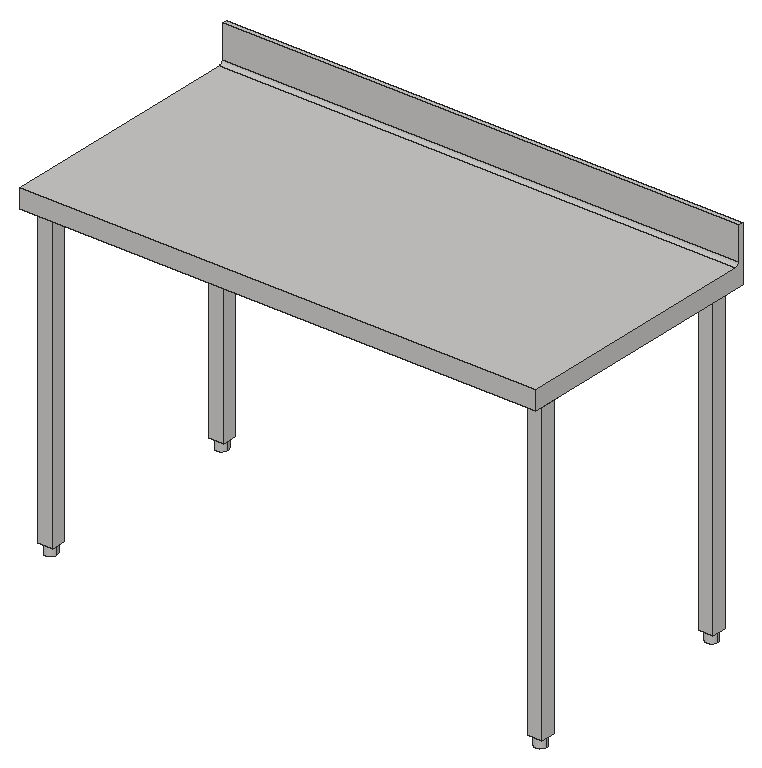
Revit family "QF_ELECTROLUXPROFESSIONAL_132732_TG1410PN", category Attrezzature speciali, Revit 2020
Family settings
  Quota connettore circolare = Usa diametro
  Tipo di parte = Normale
  Basato su piano di lavoro = No
  Sempre verticale = Sì
  Taglio con vuoti quando caricato = No
  Condiviso = No
  Punto di calcolo locali = No
Parameters (values of type "Standard")
  Weight = 45.00 kg
  Watts = 0 W
  Volts = 0 V
  URL Manufacturer = "https://www.electroluxprofessional.com/"
  URL = "https://www.electroluxprofessional.com/"
  Steam Supply Size = 0 mm
  Steam Supply Minimum Pressure = 0.0 Pa
  Steam Supply Maximum Pressure = 0.0 Pa
  Steam Consumption per Hour = 0
  Refrigeration Suction Line Size = 0.0 mm
  Refrigeration Liquid Line Size = 0.0 mm
  Refrigerant Compressor Remote = yes
  Prospetto di default = 0.0 mm
  Produttore = "Electrolux Professional"
  Phase = 0
  Modello = "TG1410PN"
  Length Actual = 1400.0 mm  # constant formula
  Item Number = "132732"
  Hot Water Size = 0 mm
  Height Actual = 1000.0 mm  # constant formula
  HP = "0 HP"
  Gas Size = 0 mm
  Gas KW = 0
  Gas Input Pressure = 0 W
  Direct Waste Size = 0 mm
  Descrizione = "WORK TABLE WITH UPSTAND 1400 MM"
  Depth Actual = 700.0 mm  # constant formula
  Cycle = 0 Hz
  Condensate Return Size = 0 mm
  Compressed Air Volume = 0.0 L/s
  Compressed Air Size = 0 mm
  Compressed Air Pressure = 0.0 Pa
  Cold Water Size = 0 mm
  Accessory = yes
Reference planes
  plane 1 "Center (Front/Back)": y = 0
  plane 2: z = 0
  plane 3 "Center (Left/Right)": x = -200
  plane 4 "LEFT": x = -900
  plane 5 "RIGHT": x = 500
  plane 6 "BACK": y = 350
  plane 7 "FRONT": y = -350
  plane 8 "Base": z = 850
  plane 9 "TOP": z = 900
  plane 10: x = -864.5
  plane 11: x = 464.5
  plane 12: y = 290
  plane 13: y = -290
Forms (mm)
  Extrusion 1, solid, material "QF_Finishes_Stainless Steel"
    sketch origin (-200, 0, 0) x (0, 1, 0) y (0, 0, 1)
      loop
        line (-350, 850) -> (350, 850) -> (350, 1000) -> (337, 1000) -> (337, 910)
        arc (337, 910) -> (334.071, 902.929) -> (327, 900) r 10
        line (327, 900) -> (-350, 900) -> (-350, 850)
    from 700 to -700
Lines and regions (mm)
  symbolic lines
    curve 1: line (500, 350, 900) -> (-900, 350, 900)
    curve 2: line (-900, 350, 900) -> (-900, -350, 900)
    curve 3: line (-900, -350, 900) -> (500, -350, 900)
    curve 4: line (500, -350, 900) -> (500, 350, 900)
    curve 5: line (500, 337, 900) -> (-900, 337, 900)
Dimensions and locks
  plane 4 "LEFT" to plane 5 "RIGHT" = 1400.0 mm
  equal spacing: plane 4 "LEFT", plane 3 "Center (Left/Right)", plane 5 "RIGHT"
  locked: plane 8 "Base" to level at 850
  plane 4 "LEFT" to plane 10 = 35.5 mm
  plane 11 to plane 5 "RIGHT" = 35.5 mm
  plane 10 to plane 11 = 1329.0 mm
  locked: Extrusion 1 to level at 1000
  plane 9 "TOP" to level = 900.0 mm
  plane 6 "BACK" to plane 12 = 60.0 mm
  plane 13 to plane 7 "FRONT" = 60.0 mm
  plane 6 "BACK" to plane 7 "FRONT" = 700.0 mm
  plane 12 to plane 13 = 580.0 mm
  equal spacing: plane 6 "BACK", plane 1 "Center (Front/Back)", plane 7 "FRONT"
  aligned and locked: level to plane 2
  aligned and locked: plane 10 to nested 1
  aligned and locked: nested 1 to plane 13
  aligned and locked: plane 11 to nested 2
  aligned and locked: nested 2 to plane 13
  aligned and locked: plane 11 to nested 4
  aligned and locked: nested 4 to plane 12
  aligned and locked: plane 10 to nested 3
  aligned and locked: nested 3 to plane 12
  aligned and locked: Extrusion 1 to plane 4 "LEFT"
  aligned and locked: plane 5 "RIGHT" to Extrusion 1
  aligned and locked: curve 2 to plane 4 "LEFT"
Automatic sketch dimensions
  Extrusion 1 sketch curve to plane 7 "FRONT" = 0.0 mm
  Extrusion 1 sketch curve to plane 9 "TOP" = 0.0 mm
  Extrusion 1 sketch curve to plane 6 "BACK" = 0.0 mm
  Extrusion 1 sketch curve to plane 8 "Base" = 0.0 mm
  plane 9 "TOP" to Extrusion 1 sketch curve = 10.0 mm
  Extrusion 1 sketch curve to plane 6 "BACK" = 13.0 mm
  Extrusion 1 sketch curve to Extrusion 1 sketch curve = 90.0 mm
  curve 3 to plane 7 "FRONT" = 0.0 mm
  curve 5 to plane 5 "RIGHT" = 0.0 mm
  curve 4 to plane 6 "BACK" = 0.0 mm
  curve 5 to plane 6 "BACK" = 13.0 mm
Nested families
  nested 1: "FEET_40x40" at (-864.5, -290, 0), type "FEET_40x40"
  nested 2: "FEET_40x40" at (464.5, -290, 0), type "FEET_40x40"
  nested 3: "FEET_40x40" at (-864.5, 290, 0), type "FEET_40x40"
  nested 4: "FEET_40x40" at (464.5, 290, 0), type "FEET_40x40"
Definition of nested family "FEET_40x40"
  Parameters
    Default Elevation = 0.0 mm
    FEET = 850.0 mm
  Reference planes
    plane 1 "Center (Front/Back)": y = 0
    plane 2: z = 0
    plane 3 "Center (Left/Right)": x = 0
    plane 4: z = 850
  Forms (mm)
    Extrusion 1, solid
      sketch origin (0, 0, 0) x (1, 0, 0) y (0, 1, 0)
        loop
          line (-20, -20) -> (20, -20) -> (20, 20) -> (-20, 20) -> (-20, -20)
      from 25 to 845
    Extrusion 2, solid
      sketch origin (0, 0, 0) x (1, 0, 0) y (0, 1, 0)
        loop
          circle (0, 0) r 16
      from 0 to 25
    Extrusion 3, solid
      sketch origin (0, 0, 0) x (1, 0, 0) y (0, 1, 0)
        loop
          line (30, 30) -> (-30, 30) -> (-30, -30) -> (30, -30) -> (30, 30)
      from 845 to 850
  Lines and regions (mm)
    symbolic lines
      curve 1: line (0, -1.503, 0) -> (0, 1.508, 0)
      curve 2: line (1.561, 0, 0) -> (-1.439, 0, 0)
  Dimensions and locks
    "FEET": plane 4 to plane 2
    aligned and locked: level to plane 2
  Automatic sketch dimensions
    Extrusion 1 sketch curve to plane 3 "Center (Left/Right)" = 20.0 mm
    plane 3 "Center (Left/Right)" to Extrusion 1 sketch curve = 20.0 mm
    plane 1 "Center (Front/Back)" to Extrusion 1 sketch curve = 20.0 mm
    Extrusion 1 sketch curve to plane 1 "Center (Front/Back)" = 20.0 mm
    plane 1 "Center (Front/Back)" to Extrusion 2 sketch curve = 0.0 mm
    Extrusion 2 sketch curve to plane 3 "Center (Left/Right)" = 0.0 mm
    plane 3 "Center (Left/Right)" to Extrusion 3 sketch curve = 30.0 mm
    Extrusion 3 sketch curve to plane 1 "Center (Front/Back)" = 30.0 mm
    Extrusion 3 sketch curve to plane 3 "Center (Left/Right)" = 30.0 mm
    plane 1 "Center (Front/Back)" to Extrusion 3 sketch curve = 30.0 mm
    plane 1 "Center (Front/Back)" to curve 2 = 0.0 mm
    curve 1 to plane 3 "Center (Left/Right)" = 0.0 mm
    curve 2 to plane 3 "Center (Left/Right)" = 1.439 mm
    plane 3 "Center (Left/Right)" to curve 2 = 1.561 mm
    plane 1 "Center (Front/Back)" to curve 1 = 1.503 mm
    curve 1 to plane 1 "Center (Front/Back)" = 1.508 mm
    radius of Extrusion 2 sketch curve = 16.0 mm
